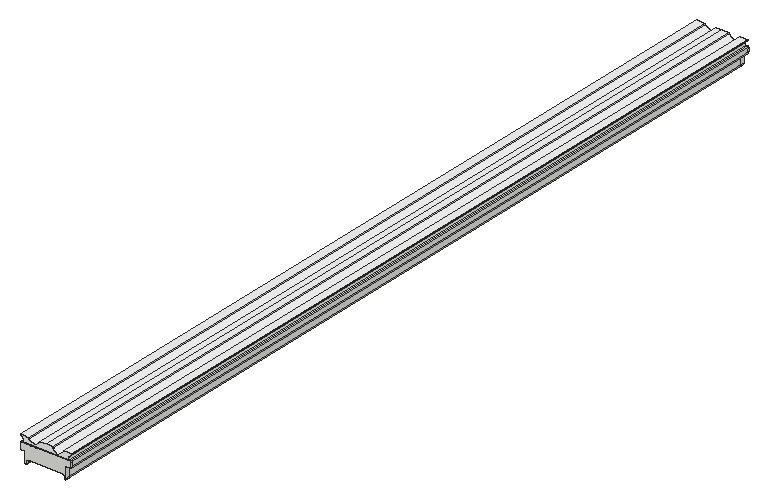
Revit family "Zumtobel TECTON 2 Narrow Beam continuous row luminaire", category Lighting Fixtures, host Face, Revit 2023
Family settings
  Host = Face
  Round Connector Dimension = Use Diameter
  Part Type = Normal
  Cut with Voids When Loaded = Yes
  Light Source = Yes
  Maintain Annotation Orientation = No
  Shared = Yes
  Room Calculation Point = Yes
Parameters (values of type "TEC2 3k7-840 L10 NB LDE WH")
  Wattage = 20.4 W
  built-in parameter 1150110 = 1 (stored number, unit not read)
  URL = "https://www.zumtobel.com/42956147"
  Type Image = ZS_TE2_F_Batten_single_WH.jpg
  Type IFC Predefined Type = "DIRECTIONSOURCE"
  Type Housing White = Zumtobel-Parts-TECTON 2-Continuous row luminaire-Housing : White
  Type Housing Black = Zumtobel-Parts-TECTON 2-Continuous row luminaire-Housing : Black
  Type Housing = if(White, Type Housing White, if(Black, Type Housing Black, Type Housing White))  # Zumtobel-Parts-TECTON 2-Continuous row luminaire-Housing : White
  built-in parameter 1114217 = 1 (stored number, unit not read)
  Tilt Angle = -90.00°  # constant formula
  built-in parameter 1150109 = 1 (stored number, unit not read)
  built-in parameter 1150134 = 12
  built-in parameter 1150113 = 1 (stored number, unit not read)
  Power Factor = 0.98
  Photometric Web File = "42956147_(STD_LEO).IES"
  Model = "42956147"
  Manufacturer = "Zumtobel Lighting"  # constant formula
  built-in parameter 1150105 = 320.7 (stored number, unit not read)
  Lumens = 4060 lm
  Luminaire Width = 60 mm  # constant formula
  Luminaire Length = if(L10, 1000 mm, if(L15, 1500 mm, if(L20, 2000 mm, if(L25, 2500 mm, 1000 mm))))  # 1000 mm
  Luminaire Height = 21.04 mm  # constant formula
  built-in parameter 1150115 = 1 (stored number, unit not read)
  Lighting Trunking System Mark [instance] = ""
  built-in parameter 1150137 = (empty or 0)
  built-in parameter 1150139 = (empty or 0)
  built-in parameter 1150112 = 1 (stored number, unit not read)
  built-in parameter 1150114 = 1 (stored number, unit not read)
  Lamp = "LED"  # constant formula
  L25 = no
  L20 = no
  L15 = no
  L10 = yes
  built-in parameter 1150132 = 2
  built-in parameter 1150102 = (empty or 0)
  built-in parameter 1150107 = 4000 (stored number, unit not read)
  built-in parameter 1150138 = (empty or 0)
  built-in parameter 1150106 = 3.207 (stored number, unit not read)
  White = yes
  Export Type to IFC As = "IfcLightFixtureType"
  Dimension = "Dimension"  # constant formula
  Colour = "Colour"  # constant formula
  Black = no
  Emit from Rectangle Width = 59.26 mm  # constant formula
  Emit from Rectangle Length = Luminaire Length - 2 mm  # 998 mm
  Emit Shape Visible in Rendering = no
  built-in parameter 1150104 = 18.488 (stored number, unit not read)
  Dimming Lamp Color Temperature Shift = <None>
  Description = "Luminaires - lighting track and lighting accessories"  # constant formula
  Default Elevation = 0 mm  # constant formula
  Color Filter = 16777215
  built-in parameter 1114218 = 1 (stored number, unit not read)
  built-in parameter 1150133 = 10 (stored number, unit not read)
  Assembly Code = "Pr_70_70_48"
  Apparent Load = Wattage / Power Factor  # 20.8163 VA
Types (13, lengths in mm): name | Wattage | URL | Type Image | Type Housing | Power Factor | Photometric Web File | Model | Lumens | Luminaire Length | L25 | L20 | L15 | L10 | built-in parameter 1150107 | White | Black | Emit from Rectangle Length | built-in parameter 1150104 | Apparent Load
  TEC2 3k7-840 L10 NB LDE WH | 20.4 W | "https://www.zumtobel.com/42956147" | ZS_TE2_F_Batten_single_WH.jpg | Zumtobel-Parts-TECTON 2-Continuous row luminaire-Housing : White | 0.98 | "42956147_(STD_LEO).IES" | "42956147" | 4060 lm | 1000 | no | no | no | yes | 4000 (stored number, unit not read) | yes | no | 998 | 18.488 (stored number, unit not read) | 20.8163 VA
  TEC2 5k5-830 L15 NB LDE WH | 30.4 W | "https://www.zumtobel.com/42956143" | ZS_TE2_F_Batten_single_WH.jpg | Zumtobel-Parts-TECTON 2-Continuous row luminaire-Housing : White | 0.96 | "42956143_(STD_LEO).IES" | "42956143" | 6020 lm | 1500 | no | no | yes | no | 3000 (stored number, unit not read) | yes | no | 1498 | 18.395 (stored number, unit not read) | 31.6667 VA
  TEC2 5k5-840 L15 NB LDE WH | 29.7 W | "https://www.zumtobel.com/42190984" | ZS_TE2_F_Batten_single_WH.jpg | Zumtobel-Parts-TECTON 2-Continuous row luminaire-Housing : White | 0.96 | "42190984_(STD_LEO).IES" | "42190984" | 6090 lm | 1500 | no | no | yes | no | 4000 (stored number, unit not read) | yes | no | 1498 | 19.045 (stored number, unit not read) | 30.9375 VA
  TEC2 9k2-840 L25 NB LDE WH | 48.5 W | "https://www.zumtobel.com/42190417" | ZS_TE2_F_Batten_single_WH.jpg | Zumtobel-Parts-TECTON 2-Continuous row luminaire-Housing : White | 0.98 | "42190417_(STD_LEO).IES" | "42190417" | 10100 lm | 2500 | yes | no | no | no | 4000 (stored number, unit not read) | yes | no | 2498 | 19.324 (stored number, unit not read) | 49.4898 VA
  TEC2 11k-840 L20 NB LDE WH | 56.6 W | "https://www.zumtobel.com/42190421" | ZS_TE2_F_Batten_single_WH.jpg | Zumtobel-Parts-TECTON 2-Continuous row luminaire-Housing : White | 0.98 | "42190421_(STD_LEO).IES" | "42190421" | 11500 lm | 2000 | no | yes | no | no | 4000 (stored number, unit not read) | yes | no | 1998 | 18.859 (stored number, unit not read) | 57.7551 VA
  TEC2 8k-840 L15 NB LDE WH | 42.3 W | "https://www.zumtobel.com/42190985" | ZS_TE2_F_Batten_single_WH.jpg | Zumtobel-Parts-TECTON 2-Continuous row luminaire-Housing : White | 0.98 | "42190985_(STD_LEO).IES" | "42190985" | 8530 lm | 1500 | no | no | yes | no | 4000 (stored number, unit not read) | yes | no | 1498 | 18.766 (stored number, unit not read) | 43.1633 VA
  TEC2 12k-840 L15 NB LDE WH | 60.5 W | "https://www.zumtobel.com/42955609" | ZS_TE2_F_Batten_single_WH.jpg | Zumtobel-Parts-TECTON 2-Continuous row luminaire-Housing : White | 0.98 | "42955609_(STD_LEO).IES" | "42955609" | 12030 lm | 1500 | no | no | yes | no | 4000 (stored number, unit not read) | yes | no | 1498 | 18.488 (stored number, unit not read) | 61.7347 VA
  TEC2 16k-840 L20 NB LDE WH | 79.9 W | "https://www.zumtobel.com/42190423" | ZS_TE2_F_Batten_single_WH.jpg | Zumtobel-Parts-TECTON 2-Continuous row luminaire-Housing : White | 0.98 | "42190423_(STD_LEO).IES" | "42190423" | 16050 lm | 2000 | no | yes | no | no | 4000 (stored number, unit not read) | yes | no | 1998 | 18.674 (stored number, unit not read) | 81.5306 VA
  TEC2 20k-840 L25 NB LDE WH | 99.2 W | "https://www.zumtobel.com/42190424" | ZS_TE2_F_Batten_single_WH.jpg | Zumtobel-Parts-TECTON 2-Continuous row luminaire-Housing : White | 0.98 | "42190424_(STD_LEO).IES" | "42190424" | 20060 lm | 2500 | yes | no | no | no | 4000 (stored number, unit not read) | yes | no | 2498 | 18.766 (stored number, unit not read) | 101.224 VA
  TEC2 3k7-830 L10 NB LDE BK | 20.9 W | "https://www.zumtobel.com/42956139" | ZS_TE2_F_Batten_single_BK.jpg | Zumtobel-Parts-TECTON 2-Continuous row luminaire-Housing : Black | 0.98 | "42956139_(STD_LEO).IES" | "42956139" | 3930 lm | 1000 | no | no | no | yes | 3000 (stored number, unit not read) | no | yes | 998 | 17.466 (stored number, unit not read) | 21.3265 VA
  TEC2 3k7-840 L10 NB LDE BK | 20.4 W | "https://www.zumtobel.com/42956180" | ZS_TE2_F_Batten_single_BK.jpg | Zumtobel-Parts-TECTON 2-Continuous row luminaire-Housing : Black | 0.98 | "42956180_(STD_LEO).IES" | "42956180" | 3980 lm | 1000 | no | no | no | yes | 4000 (stored number, unit not read) | no | yes | 998 | 18.116 (stored number, unit not read) | 20.8163 VA
  TEC2 5k5-830 L15 NB LDE BK | 30.4 W | "https://www.zumtobel.com/42956144" | ZS_TE2_F_Batten_single_BK.jpg | Zumtobel-Parts-TECTON 2-Continuous row luminaire-Housing : Black | 0.96 | "42956144_(STD_LEO).IES" | "42956144" | 5900 lm | 1500 | no | no | yes | no | 3000 (stored number, unit not read) | no | yes | 1498 | 18.023 (stored number, unit not read) | 31.6667 VA
  TEC2 7k3-830 L20 NB LDE BK | 40 W | "https://www.zumtobel.com/42956149" | ZS_TE2_F_Batten_single_BK.jpg | Zumtobel-Parts-TECTON 2-Continuous row luminaire-Housing : Black | 0.98 | "42956149_(STD_LEO).IES" | "42956149" | 7860 lm | 2000 | no | yes | no | no | 3000 (stored number, unit not read) | no | yes | 1998 | 18.302 (stored number, unit not read) | 40.8163 VA
Reference planes
  plane 1 "Center (Front/Back)": y = 0
  plane 2: z = 0
  plane 3 "Center (Left/Right)": x = 0
  plane 4: x = -30
  plane 5: x = 30
  plane 6: y = 500
  plane 7: y = -500
  plane 8: z = 21.04
Lines and regions (mm)
  Filled region 1, type "White"
    outline origin (0, 0, 0) x (0, -1, 0) y (1, 0, 0)
      loop
        line (-500, 30) -> (-500, -30) -> (500, -30) -> (500, 30) -> (-500, 30)
  symbolic lines
    curve 1: line (13.872, 500, 0) -> (13.872, -500, 0)
    curve 2: line (-13.872, 500, 0) -> (-13.872, -500, 0)
  model lines, style "InvisibleLines"
    curve 3: line (-250, 500, 0) -> (250, 500, 0)
    curve 4: line (-250, -500, 0) -> (250, -500, 0)
Dimensions and locks
  equal spacing: plane 4, plane 3 "Center (Left/Right)", plane 5
  "Luminaire Width": plane 4 to plane 5
  equal spacing: plane 7, plane 1 "Center (Front/Back)", plane 6
  "Luminaire Length": plane 7 to plane 6
  "Luminaire Height": plane 8 to level
  aligned and locked: plane 2 to host face
  aligned and locked: level to host face
  aligned and locked: plane 1 "Center (Front/Back)" to nested 1
  aligned and locked: plane 3 "Center (Left/Right)" to nested 1
  aligned and locked: Filled region 1 sketch curve to plane 6
  aligned and locked: Filled region 1 sketch curve to plane 7
  aligned and locked: plane 6 to curve 2
  aligned and locked: plane 7 to curve 2
  aligned and locked: curve 3 to plane 6
Automatic sketch dimensions
  host sketch curve to host sketch curve = 2438.4 mm  (x2)
  Filled region 1 sketch curve to plane 3 "Center (Left/Right)" = 30 mm
  plane 3 "Center (Left/Right)" to Filled region 1 sketch curve = 30 mm
  curve 3 to plane 4 = 220 mm
  curve 4 to plane 4 = 220 mm
  curve 2 to plane 3 "Center (Left/Right)" = 13.872 mm
  plane 3 "Center (Left/Right)" to curve 1 = 13.872 mm
  curve 4 to plane 5 = 220 mm
  curve 3 to plane 5 = 220 mm
Nested families
  nested 1: "Zumtobel-Parts-TECTON 2-Continuous row luminaire-Housing" at (0, 0, 0) x (0, -1, 0) z (0, 0, -1), A <- "Luminaire Length", type <- "Type Housing", type "White"
    with A 1000 mm
Connectors
  electrical at (0, 0, 0), driven by "Apparent Load", driven by "Power Factor"
    settings: index 1, voltage 230 V, apparent load 20.8163 VA, apparent load phase1 0 VA, apparent load phase2 0 VA, apparent load phase3 0 VA, power factor 0.98, load classification "Lighting", number of poles 1, system type 30, power factor state 1, is connector primary yes, connector utility no, sub classification motor no, connector description ""
Definition of nested family "Zumtobel-Parts-TECTON 2-Continuous row luminaire-Housing"
  Parameters (values of type "Black")
    Material Plastic = none
    Material Housing = none
    Manufacturer = "Zumtobel Lighting"  # constant formula
    Default Elevation = 0 mm  # constant formula
    C = 60 mm  # constant formula
    B = 60 mm  # constant formula
    A [instance] = 1000 mm
  Types (3, lengths in mm): name | A
    (no name) | 1000
    Black | 1000
    White | 2500
  Reference planes
    plane 1 "Center (Front/Back)": y = 0
    plane 2: z = 0
    plane 3 "Center (Left/Right)": x = 0
    plane 4: x = -500
    plane 5: x = 500
    plane 6: y = 30
    plane 7: y = -30
    plane 8: z = -60
    plane 9: z = 60
    plane 10: x = -499
    plane 11: x = -495.5
    plane 12: x = 499
    plane 13: x = 495.5
  Forms (mm)
    Extrusion 1, solid, material <- "Material Housing"
      sketch origin (0, 7.257, -8.942) x (0, 1, 0) y (0, 0, 1)
        loop
          arc (16.943, 15.62) -> (15.922, 16.642) -> (14.9, 15.62) r 1.022
          line (14.9, 15.62) -> (14.9, 12.801) -> (10.329, 9.025) -> (-7.257, 9.025) -> (-24.842, 9.025) -> (-29.413, 12.801) -> (-29.413, 15.62)
          arc (-29.413, 15.62) -> (-30.435, 16.642) -> (-31.457, 15.62) r 1.022
          line (-31.457, 15.62) -> (-31.457, 3.728)
          arc (-31.457, 3.728) -> (-31.634, 3.298) -> (-32.064, 3.12) r 0.608
          line (-32.064, 3.12) -> (17.551, 3.12)
          arc (17.551, 3.12) -> (17.121, 3.298) -> (16.943, 3.728) r 0.608
          line (16.943, 3.728) -> (16.943, 15.62)
      from -495.5 to 495.5
    Extrusion 2, solid, material <- "Material Housing"
      sketch origin (0, 7.257, -8.942) x (0, 1, 0) y (0, 0, 1)
        loop
          line (-7.241, 3.12) -> (-35.357, 3.12)
          arc (-35.357, 3.12) -> (-36.7, 2.564) -> (-37.257, 1.22) r 1.9
          line (-37.257, 1.22) -> (-37.257, -3.866)
          arc (-37.257, -3.866) -> (-36.964, -4.573) -> (-36.257, -4.866) r 1
          line (-36.257, -4.866) -> (21.743, -4.866)
          arc (21.743, -4.866) -> (22.451, -4.573) -> (22.743, -3.866) r 1
          line (22.743, -3.866) -> (22.743, 1.22)
          arc (22.743, 1.22) -> (22.187, 2.564) -> (20.843, 3.12) r 1.9
          line (20.843, 3.12) -> (-7.241, 3.12)
      from -499 to 499
    Extrusion 3, solid, material <- "Material Plastic"
      sketch origin (-500, 889.358, 1200) x (0, 1, 0) y (0, 0, 1)
        loop
          arc (-860.358, -1213.808) -> (-859.651, -1213.515) -> (-859.358, -1212.808) r 1
          line (-859.358, -1212.808) -> (-859.358, -1207.722)
          arc (-859.358, -1207.722) -> (-859.915, -1206.378) -> (-861.258, -1205.822) r 1.9
          line (-861.258, -1205.822) -> (-864.551, -1205.822)
          arc (-864.551, -1205.822) -> (-864.98, -1205.644) -> (-865.158, -1205.214) r 0.608
          line (-865.158, -1205.214) -> (-865.158, -1193.322)
          arc (-865.158, -1193.322) -> (-866.18, -1192.3) -> (-867.202, -1193.322) r 1.022
          line (-867.202, -1193.322) -> (-867.202, -1196.14) -> (-868.771, -1197.437) -> (-889.358, -1197.437) -> (-909.946, -1197.437) -> (-911.515, -1196.14) -> (-911.515, -1193.322)
          arc (-911.515, -1193.322) -> (-912.537, -1192.3) -> (-913.558, -1193.322) r 1.022
          line (-913.558, -1193.322) -> (-913.558, -1205.214)
          arc (-913.558, -1205.214) -> (-913.736, -1205.644) -> (-914.166, -1205.822) r 0.608
          line (-914.166, -1205.822) -> (-917.458, -1205.822)
          arc (-917.458, -1205.822) -> (-918.802, -1206.378) -> (-919.358, -1207.722) r 1.9
          line (-919.358, -1207.722) -> (-919.358, -1212.808)
          arc (-919.358, -1212.808) -> (-919.066, -1213.515) -> (-918.358, -1213.808) r 1
          line (-918.358, -1213.808) -> (-860.358, -1213.808)
      from 0 to 1
    Extrusion 4, solid, material <- "Material Plastic"
      sketch origin (-500, 889.358, 1200) x (0, 1, 0) y (0, 0, 1)
        loop
          arc (-864.551, -1205.822) -> (-864.98, -1205.644) -> (-865.158, -1205.214) r 0.608
          line (-865.158, -1205.214) -> (-865.158, -1193.322)
          arc (-865.158, -1193.322) -> (-866.18, -1192.3) -> (-867.202, -1193.322) r 1.022
          line (-867.202, -1193.322) -> (-867.202, -1196.14) -> (-868.771, -1197.437) -> (-889.358, -1197.437) -> (-909.946, -1197.437) -> (-911.515, -1196.14) -> (-911.515, -1193.322)
          arc (-911.515, -1193.322) -> (-912.537, -1192.3) -> (-913.558, -1193.322) r 1.022
          line (-913.558, -1193.322) -> (-913.558, -1205.214)
          arc (-913.558, -1205.214) -> (-913.736, -1205.644) -> (-914.166, -1205.822) r 0.608
          line (-914.166, -1205.822) -> (-864.551, -1205.822)
      from 1 to 4.5
    Extrusion 5, solid
      sketch origin (0, 0, -8.942) x (0, 1, 0) y (0, 0, 1)
        loop
          line (29.629, -11.1) -> (26.547, -8.123) -> (26.49, -4.866) -> (0, -4.866) -> (-26.49, -4.866) -> (-26.547, -8.123) -> (-29.629, -11.1) -> (-29.629, -12.1) -> (-20.193, -12.1) -> (-20.193, -10.6) -> (-13.993, -6.095) -> (-7.793, -10.6) -> (-7.793, -12.1) -> (0, -12.1) -> (7.793, -12.1) -> (7.793, -10.6) -> (13.993, -6.095) -> (20.193, -10.6) -> (20.193, -12.1) -> (29.629, -12.1) -> (29.629, -11.1)
      from -499 to 499
    Extrusion 6, solid, material <- "Material Plastic"
      sketch origin (500, 889.358, 1200) x (0, 1, 0) y (0, 0, -1)
        loop
          line (-860.358, 1213.808) -> (-918.358, 1213.808)
          arc (-918.358, 1213.808) -> (-919.066, 1213.515) -> (-919.358, 1212.808) r 1
          line (-919.358, 1212.808) -> (-919.358, 1207.722)
          arc (-919.358, 1207.722) -> (-918.802, 1206.378) -> (-917.458, 1205.822) r 1.9
          line (-917.458, 1205.822) -> (-914.166, 1205.822)
          arc (-914.166, 1205.822) -> (-913.736, 1205.644) -> (-913.558, 1205.214) r 0.608
          line (-913.558, 1205.214) -> (-913.558, 1193.322)
          arc (-913.558, 1193.322) -> (-912.537, 1192.3) -> (-911.515, 1193.322) r 1.022
          line (-911.515, 1193.322) -> (-911.515, 1196.14) -> (-909.946, 1197.437) -> (-889.358, 1197.437) -> (-868.771, 1197.437) -> (-867.202, 1196.14) -> (-867.202, 1193.322)
          arc (-867.202, 1193.322) -> (-866.18, 1192.3) -> (-865.158, 1193.322) r 1.022
          line (-865.158, 1193.322) -> (-865.158, 1205.214)
          arc (-865.158, 1205.214) -> (-864.98, 1205.644) -> (-864.551, 1205.822) r 0.608
          line (-864.551, 1205.822) -> (-861.258, 1205.822)
          arc (-861.258, 1205.822) -> (-859.915, 1206.378) -> (-859.358, 1207.722) r 1.9
          line (-859.358, 1207.722) -> (-859.358, 1212.808)
          arc (-859.358, 1212.808) -> (-859.651, 1213.515) -> (-860.358, 1213.808) r 1
      from 0 to 1
    Extrusion 7, solid, material <- "Material Plastic"
      sketch origin (500, 889.358, 1200) x (0, 1, 0) y (0, 0, -1)
        loop
          line (-864.551, 1205.822) -> (-914.166, 1205.822)
          arc (-914.166, 1205.822) -> (-913.736, 1205.644) -> (-913.558, 1205.214) r 0.608
          line (-913.558, 1205.214) -> (-913.558, 1193.322)
          arc (-913.558, 1193.322) -> (-912.537, 1192.3) -> (-911.515, 1193.322) r 1.022
          line (-911.515, 1193.322) -> (-911.515, 1196.14) -> (-909.946, 1197.437) -> (-889.358, 1197.437) -> (-868.771, 1197.437) -> (-867.202, 1196.14) -> (-867.202, 1193.322)
          arc (-867.202, 1193.322) -> (-866.18, 1192.3) -> (-865.158, 1193.322) r 1.022
          line (-865.158, 1193.322) -> (-865.158, 1205.214)
          arc (-865.158, 1205.214) -> (-864.98, 1205.644) -> (-864.551, 1205.822) r 0.608
      from 1 to 4.5
  Cuts and joins
    joined: Extrusion 6, Extrusion 7
    joined: Extrusion 3, Extrusion 4
  Lines and regions (mm)
    model lines
      curve 1: line (-500, 24.2, 0) -> (-500, -24.2, 0)
      curve 2: line (500, 24.2, 0) -> (500, -24.2, 0)
  Dimensions and locks
    equal spacing: plane 4, plane 3 "Center (Left/Right)", plane 5
    "A": plane 4 to plane 5
    equal spacing: plane 6, plane 1 "Center (Front/Back)", plane 7
    "B": plane 6 to plane 7
    "C": plane 8 to level
    "C": plane 9 to level
    locked: plane 4 to plane 10 at 1
    locked: plane 4 to plane 11 at 4.5
    locked: plane 5 to plane 12 at 1
    locked: plane 5 to plane 13 at 4.5
    aligned and locked: level to plane 2
    aligned and locked: Extrusion 1 to plane 13
    aligned and locked: Extrusion 2 to plane 12
    aligned and locked: Extrusion 1 to plane 11
    aligned and locked: Extrusion 2 to plane 10
    aligned and locked: Extrusion 5 to plane 10
    aligned and locked: Extrusion 5 to plane 12
  Automatic sketch dimensions
    Extrusion 1 sketch curve to plane 1 "Center (Front/Back)" = 0 mm
    level to Extrusion 1 sketch curve = 0.083 mm
    plane 7 to Extrusion 1 sketch curve = 12.414 mm
    Extrusion 1 sketch curve to Extrusion 1 sketch curve = 4.571 mm  (x2)
    Extrusion 1 sketch curve to Extrusion 1 sketch curve = 1.022 mm  (x2)
    Extrusion 1 sketch curve to Extrusion 1 sketch curve = 0.608 mm  (x2)
    plane 6 to Extrusion 1 sketch curve = 12.414 mm
    Extrusion 1 sketch curve to level = 5.214 mm  (x2)
    level to Extrusion 1 sketch curve = 3.86 mm  (x2)
    Extrusion 1 sketch curve to Extrusion 1 sketch curve = 2.819 mm  (x2)
    Extrusion 1 sketch curve to Extrusion 1 sketch curve = 0 mm
    Extrusion 2 sketch curve to plane 7 = 0 mm
    Extrusion 2 sketch curve to plane 6 = 0 mm
    plane 7 to Extrusion 2 sketch curve = 1 mm
    plane 7 to Extrusion 2 sketch curve = 1.9 mm
    Extrusion 2 sketch curve to plane 1 "Center (Front/Back)" = 0.016 mm
    plane 6 to Extrusion 2 sketch curve = 1.9 mm
    plane 6 to Extrusion 2 sketch curve = 1 mm
    Extrusion 2 sketch curve to level = 13.808 mm
    Extrusion 2 sketch curve to Extrusion 2 sketch curve = 5.086 mm
    Extrusion 5 sketch curve to plane 1 "Center (Front/Back)" = 0 mm  (x2)
    plane 1 "Center (Front/Back)" to Extrusion 5 sketch curve = 7.793 mm
    Extrusion 5 sketch curve to Extrusion 5 sketch curve = 6.2 mm  (x4)
    plane 7 to Extrusion 5 sketch curve = 3.51 mm
    Extrusion 5 sketch curve to Extrusion 5 sketch curve = 0.057 mm  (x2)
    plane 7 to Extrusion 5 sketch curve = 0.371 mm
    Extrusion 5 sketch curve to plane 1 "Center (Front/Back)" = 7.793 mm
    plane 6 to Extrusion 5 sketch curve = 3.51 mm
    plane 6 to Extrusion 5 sketch curve = 0.371 mm
    Extrusion 5 sketch curve to level = 21.042 mm  (x2)
    Extrusion 5 sketch curve to Extrusion 5 sketch curve = 0 mm
    Extrusion 5 sketch curve to Extrusion 5 sketch curve = 1 mm  (x2)
    Extrusion 5 sketch curve to Extrusion 5 sketch curve = 1.5 mm  (x4)
    Extrusion 5 sketch curve to Extrusion 5 sketch curve = 2.977 mm  (x2)
    Extrusion 5 sketch curve to Extrusion 5 sketch curve = 4.505 mm  (x2)
    Extrusion 5 sketch curve to Extrusion 5 sketch curve = 3.257 mm
    Extrusion 3 sketch curve to plane 7 = 0 mm
    Extrusion 3 sketch curve to plane 1 "Center (Front/Back)" = 0 mm
    Extrusion 3 sketch curve to plane 6 = 0 mm
    plane 7 to Extrusion 3 sketch curve = 1 mm
    Extrusion 3 sketch curve to Extrusion 3 sketch curve = 1.9 mm
    Extrusion 3 sketch curve to Extrusion 3 sketch curve = 3.292 mm
    Extrusion 3 sketch curve to Extrusion 3 sketch curve = 0.608 mm  (x2)
    Extrusion 3 sketch curve to Extrusion 3 sketch curve = 1.022 mm  (x2)
    Extrusion 3 sketch curve to Extrusion 3 sketch curve = 1.569 mm  (x2)
    level to Extrusion 3 sketch curve = 2.563 mm
    plane 6 to Extrusion 3 sketch curve = 9.413 mm
    level to Extrusion 3 sketch curve = 3.86 mm
    plane 6 to Extrusion 3 sketch curve = 1.9 mm
    plane 6 to Extrusion 3 sketch curve = 1 mm
    Extrusion 3 sketch curve to level = 5.214 mm  (x2)
    Extrusion 3 sketch curve to Extrusion 3 sketch curve = 5.086 mm
    Extrusion 3 sketch curve to Extrusion 3 sketch curve = 1.297 mm
    Extrusion 3 sketch curve to Extrusion 3 sketch curve = 2.819 mm  (x2)
    Extrusion 4 sketch curve to plane 1 "Center (Front/Back)" = 0 mm
    level to Extrusion 4 sketch curve = 2.563 mm
    plane 7 to Extrusion 4 sketch curve = 9.413 mm
    Extrusion 4 sketch curve to Extrusion 4 sketch curve = 1.569 mm  (x2)
    Extrusion 4 sketch curve to Extrusion 4 sketch curve = 1.022 mm  (x2)
    Extrusion 4 sketch curve to Extrusion 4 sketch curve = 0.608 mm  (x3)
    plane 6 to Extrusion 4 sketch curve = 9.413 mm
    Extrusion 4 sketch curve to level = 5.214 mm
    Extrusion 4 sketch curve to Extrusion 4 sketch curve = 1.297 mm  (x2)
    Extrusion 4 sketch curve to Extrusion 4 sketch curve = 2.819 mm  (x2)
    Extrusion 4 sketch curve to Extrusion 4 sketch curve = 0 mm
    Extrusion 6 sketch curve to plane 7 = 0 mm
    Extrusion 6 sketch curve to plane 1 "Center (Front/Back)" = 0 mm
    Extrusion 6 sketch curve to plane 6 = 0 mm
    Extrusion 6 sketch curve to plane 7 = 1 mm
    Extrusion 6 sketch curve to plane 7 = 1.9 mm
    Extrusion 6 sketch curve to Extrusion 6 sketch curve = 3.292 mm
    Extrusion 6 sketch curve to Extrusion 6 sketch curve = 0.608 mm  (x2)
    Extrusion 6 sketch curve to Extrusion 6 sketch curve = 1.022 mm  (x2)
    Extrusion 6 sketch curve to Extrusion 6 sketch curve = 1.569 mm  (x2)
    Extrusion 6 sketch curve to level = 2.563 mm
    Extrusion 6 sketch curve to plane 6 = 9.413 mm
    Extrusion 6 sketch curve to level = 3.86 mm
    Extrusion 6 sketch curve to plane 6 = 1.9 mm
    Extrusion 6 sketch curve to plane 6 = 1 mm
    level to Extrusion 6 sketch curve = 5.214 mm  (x2)
    Extrusion 6 sketch curve to Extrusion 6 sketch curve = 5.086 mm
    Extrusion 6 sketch curve to Extrusion 6 sketch curve = 1.297 mm
    Extrusion 6 sketch curve to Extrusion 6 sketch curve = 2.819 mm  (x2)
    Extrusion 7 sketch curve to plane 1 "Center (Front/Back)" = 0 mm
    Extrusion 7 sketch curve to level = 2.563 mm
    Extrusion 7 sketch curve to plane 7 = 9.413 mm
    Extrusion 7 sketch curve to Extrusion 7 sketch curve = 1.569 mm  (x2)
    Extrusion 7 sketch curve to Extrusion 7 sketch curve = 1.022 mm  (x2)
    Extrusion 7 sketch curve to Extrusion 7 sketch curve = 0.608 mm  (x3)
    Extrusion 7 sketch curve to plane 6 = 9.413 mm
    level to Extrusion 7 sketch curve = 5.214 mm
    Extrusion 7 sketch curve to Extrusion 7 sketch curve = 1.297 mm  (x2)
    Extrusion 7 sketch curve to Extrusion 7 sketch curve = 2.819 mm  (x2)
    Extrusion 7 sketch curve to Extrusion 7 sketch curve = 0 mm
    curve 1 to level = 0 mm
    plane 7 to curve 1 = 5.8 mm
    plane 6 to curve 1 = 5.8 mm
    curve 2 to level = 0 mm
    curve 2 to plane 7 = 5.8 mm
    curve 2 to plane 6 = 5.8 mm
